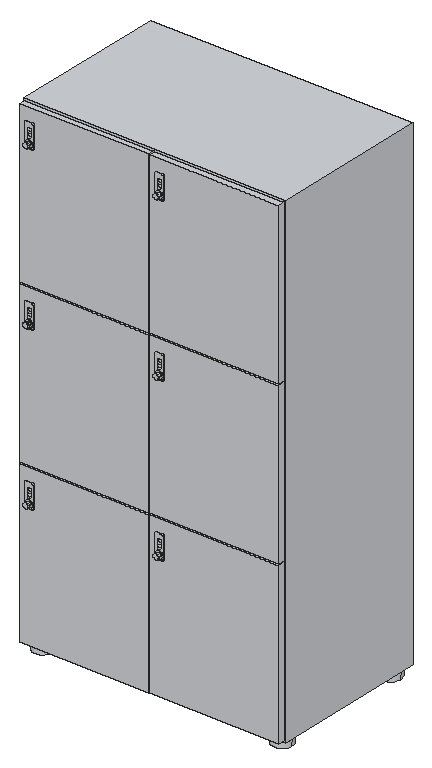
Revit family "Stash 6-Door Locker", category Furniture, Revit 2015
Parameters (values of type "31.5" x 20" x 59.25"")
  Width = 20"
  URL = "http://www.poppin.com"
  Manufacturer = "Poppin, Inc."
  Length = 31 1/2"
  Height = 59 1/4"
  Lock Material = none
  Feet Material = none
  Description = "Stash 6-Door Locker"
  Copyright = "Copyright © Poppin, Inc."
  Cabinet Material = none
Reference planes (in)
  plane 1 "Center (Front/Back)": y = 0
  plane 2: z = 0
  plane 3 "Center (Left/Right)": x = 0
Forms (in)
  Extrusion 1, solid, material <- "Cabinet Material"
    sketch origin (0, 0, 0) x (1, 0, 0) y (0, 0, 1)
      loop
        line (-15.79155, 59.31102) -> (-15.79155, 0.94488) -> (15.70452, 0.94488) -> (15.70452, 59.31102) -> (-15.79155, 59.31102)
    from -10.1752 to 8.93504
  Extrusion 2, solid, material <- "Lock Material", not visible
    sketch origin (0, 0, 0) x (1, 0, 0) y (0, 0, 1)
      loop
        arc (-14.75145, 38.21321) -> (-14.89273, 38.15469) -> (-14.95125, 38.01341) r 0.1998
        arc (-14.95125, 38.01341) -> (-14.97746, 36.78506) -> (-14.95125, 35.55671) r 28.79631
        arc (-14.95125, 35.55671) -> (-14.87803, 35.37993) -> (-14.70125, 35.30671) r 0.25
        line (-14.70125, 35.30671) -> (-14.14462, 35.30671)
        arc (-14.14462, 35.30671) -> (-13.96784, 35.37993) -> (-13.89462, 35.55671) r 0.25
        arc (-13.89462, 35.55671) -> (-13.86841, 36.78506) -> (-13.89462, 38.01341) r 28.79631
        arc (-13.89462, 38.01341) -> (-13.95314, 38.15469) -> (-14.09442, 38.21321) r 0.1998
        line (-14.09442, 38.21321) -> (-14.75145, 38.21321)
    from 9.68307 to 9.7815
  Extrusion 3, solid, material <- "Lock Material", not visible
    sketch origin (-14.94161, 0, 38.21321) x (1, 0, 0) y (0, 1, 0)
      loop
        arc (0.31237, -9.7815) -> (0.52801, -9.86058) -> (0.74365, -9.7815) r 0.33352
        line (0.74365, -9.7815) -> (0.31237, -9.7815)
    from -1.63841 to -1.44156
  Extrusion 4, solid, material <- "Lock Material", not visible
    sketch origin (-14.94161, 0, 38.4888) x (1, 0, 0) y (0, 1, 0)
      loop
        arc (0.31237, -9.7815) -> (0.52801, -9.86058) -> (0.74365, -9.7815) r 0.33352
        line (0.74365, -9.7815) -> (0.31237, -9.7815)
    from -1.63841 to -1.44156
  Extrusion 5, solid, material <- "Lock Material", not visible
    sketch origin (-14.94161, 0, 38.76439) x (1, 0, 0) y (0, 1, 0)
      loop
        arc (0.31237, -9.7815) -> (0.52801, -9.86058) -> (0.74365, -9.7815) r 0.33352
        line (0.74365, -9.7815) -> (0.31237, -9.7815)
    from -1.63841 to -1.44156
  Extrusion 6, solid, material <- "Lock Material", not visible
    sketch origin (-14.94161, 0, 39.03998) x (1, 0, 0) y (0, 1, 0)
      loop
        arc (0.31237, -9.7815) -> (0.52801, -9.86058) -> (0.74365, -9.7815) r 0.33352
        line (0.74365, -9.7815) -> (0.31237, -9.7815)
    from -1.63841 to -1.44156
  Extrusion 7, solid, material <- "Lock Material", not visible
    sketch origin (0, 0, 0) x (1, 0, 0) y (0, 0, 1)
      loop
        circle (-14.40927, 35.86361) r 0.42969
    from 9.68307 to 9.82087
  Extrusion 8, solid, material <- "Lock Material", not visible
    sketch origin (0, 0, 0) x (1, 0, 0) y (0, 0, 1)
      loop
        arc (-14.16303, 35.98425) -> (-14.41709, 36.14486) -> (-14.67115, 35.98425) r 0.28125
        line (-14.67115, 35.98425) -> (-14.81673, 35.98425)
        arc (-14.81673, 35.98425) -> (-14.83411, 35.86614) -> (-14.81673, 35.74803) r 0.41008
        line (-14.81673, 35.74803) -> (-14.67349, 35.74803)
        arc (-14.67349, 35.74803) -> (-14.41709, 35.58236) -> (-14.16068, 35.74803) r 0.28125
        line (-14.16068, 35.74803) -> (-14.01744, 35.74803)
        arc (-14.01744, 35.74803) -> (-14.00006, 35.86614) -> (-14.01744, 35.98425) r 0.41008
        line (-14.01744, 35.98425) -> (-14.16303, 35.98425)
    from 9.82087 to 10.21457
  Extrusion 9, solid, material <- "Feet Material"
    sketch origin (0, -3.25656, 24.25197) x (0, 1, 0) y (-1, 0, 0)
      loop
        circle (11.90383, 14.42182) r 1.1875
      loop
        circle (11.90383, -14.32818) r 1.1875
      loop
        circle (-4.44639, -14.32818) r 1.1875
      loop
        circle (-4.44639, 14.42182) r 1.1875
    from -24.25197 to -23.58268
  Extrusion 10, solid, material <- "Feet Material"
    sketch origin (0, -3.25656, 24.25197) x (0, 1, 0) y (-1, 0, 0)
      loop
        line (12.0677, 14.138) -> (12.23156, 14.42182) -> (12.0677, 14.70565) -> (11.73997, 14.70565) -> (11.5761, 14.42182) -> (11.73997, 14.138) -> (12.0677, 14.138)
      loop
        line (12.0677, -14.612) -> (12.23156, -14.32818) -> (12.0677, -14.04435) -> (11.73997, -14.04435) -> (11.5761, -14.32818) -> (11.73997, -14.612) -> (12.0677, -14.612)
      loop
        line (-4.28253, -14.612) -> (-4.11866, -14.32818) -> (-4.28253, -14.04435) -> (-4.61026, -14.04435) -> (-4.77412, -14.32818) -> (-4.61026, -14.612) -> (-4.28253, -14.612)
      loop
        line (-4.28253, 14.138) -> (-4.11866, 14.42182) -> (-4.28253, 14.70565) -> (-4.61026, 14.70565) -> (-4.77412, 14.42182) -> (-4.61026, 14.138) -> (-4.28253, 14.138)
    from -23.77971 to -23.26772
  Extrusion 11, solid, material <- "Cabinet Material"
    sketch origin (0, -0.03937, 0) x (1, 0, 0) y (0, 0, 1)
      loop
        line (-15.5947, 39.72441) -> (-15.5947, 20.5315) -> (-0.14194, 20.5315) -> (-0.14194, 39.72441) -> (-15.5947, 39.72441)
      loop
        line (0.05491, 20.5315) -> (15.50767, 20.5315) -> (15.50767, 39.72441) -> (0.05491, 39.72441) -> (0.05491, 20.5315)
      loop
        line (-15.5947, 20.33465) -> (-15.5947, 1.14173) -> (-0.14194, 1.14173) -> (-0.14194, 20.33465) -> (-15.5947, 20.33465)
      loop
        line (0.05491, 1.14173) -> (15.50767, 1.14173) -> (15.50767, 20.33465) -> (0.05491, 20.33465) -> (0.05491, 1.14173)
      loop
        line (-15.5939, 59.11417) -> (-15.5939, 39.92126) -> (-0.14115, 39.92126) -> (-0.14115, 59.11417) -> (-15.5939, 59.11417)
      loop
        line (0.0557, 39.92126) -> (15.50846, 39.92126) -> (15.50846, 59.11417) -> (0.0557, 59.11417) -> (0.0557, 39.92126)
    from 8.89567 to 9.68307
  Extrusion 12, solid, material <- "Lock Material"
    sketch origin (0, -0.03937, 0) x (1, 0, 0) y (0, 0, 1)
      loop
        arc (-14.75145, 38.21321) -> (-14.89273, 38.15469) -> (-14.95125, 38.01341) r 0.1998
        arc (-14.95125, 38.01341) -> (-14.97746, 36.78506) -> (-14.95125, 35.55671) r 28.79631
        arc (-14.95125, 35.55671) -> (-14.87803, 35.37993) -> (-14.70125, 35.30671) r 0.25
        line (-14.70125, 35.30671) -> (-14.14462, 35.30671)
        arc (-14.14462, 35.30671) -> (-13.96784, 35.37993) -> (-13.89462, 35.55671) r 0.25
        arc (-13.89462, 35.55671) -> (-13.86841, 36.78506) -> (-13.89462, 38.01341) r 28.79631
        arc (-13.89462, 38.01341) -> (-13.95314, 38.15469) -> (-14.09442, 38.21321) r 0.1998
        line (-14.09442, 38.21321) -> (-14.75145, 38.21321)
    from 9.68307 to 9.7815
  Extrusion 13, solid, material <- "Lock Material"
    sketch origin (-14.94161, -0.03937, 38.21321) x (1, 0, 0) y (0, 1, 0)
      loop
        arc (0.31237, -9.7815) -> (0.52801, -9.86058) -> (0.74365, -9.7815) r 0.33352
        line (0.74365, -9.7815) -> (0.31237, -9.7815)
    from -1.63841 to -1.44156
  Extrusion 14, solid, material <- "Lock Material"
    sketch origin (-14.94161, -0.03937, 38.4888) x (1, 0, 0) y (0, 1, 0)
      loop
        arc (0.31237, -9.7815) -> (0.52801, -9.86058) -> (0.74365, -9.7815) r 0.33352
        line (0.74365, -9.7815) -> (0.31237, -9.7815)
    from -1.63841 to -1.44156
  Extrusion 15, solid, material <- "Lock Material"
    sketch origin (-14.94161, -0.03937, 38.76439) x (1, 0, 0) y (0, 1, 0)
      loop
        arc (0.31237, -9.7815) -> (0.52801, -9.86058) -> (0.74365, -9.7815) r 0.33352
        line (0.74365, -9.7815) -> (0.31237, -9.7815)
    from -1.63841 to -1.44156
  Extrusion 16, solid, material <- "Lock Material"
    sketch origin (-14.94161, -0.03937, 39.03998) x (1, 0, 0) y (0, 1, 0)
      loop
        arc (0.31237, -9.7815) -> (0.52801, -9.86058) -> (0.74365, -9.7815) r 0.33352
        line (0.74365, -9.7815) -> (0.31237, -9.7815)
    from -1.63841 to -1.44156
  Extrusion 17, solid, material <- "Lock Material"
    sketch origin (0, -0.03937, 0) x (1, 0, 0) y (0, 0, 1)
      loop
        circle (-14.40927, 35.86361) r 0.42969
    from 9.68307 to 9.82087
  Extrusion 18, solid, material <- "Lock Material"
    sketch origin (0, -0.03937, 0) x (1, 0, 0) y (0, 0, 1)
      loop
        arc (-14.16303, 35.98425) -> (-14.41709, 36.14486) -> (-14.67115, 35.98425) r 0.28125
        line (-14.67115, 35.98425) -> (-14.81673, 35.98425)
        arc (-14.81673, 35.98425) -> (-14.83411, 35.86614) -> (-14.81673, 35.74803) r 0.41008
        line (-14.81673, 35.74803) -> (-14.67349, 35.74803)
        arc (-14.67349, 35.74803) -> (-14.41709, 35.58236) -> (-14.16068, 35.74803) r 0.28125
        line (-14.16068, 35.74803) -> (-14.01744, 35.74803)
        arc (-14.01744, 35.74803) -> (-14.00006, 35.86614) -> (-14.01744, 35.98425) r 0.41008
        line (-14.01744, 35.98425) -> (-14.16303, 35.98425)
    from 9.82087 to 10.21457
  Extrusion 19, solid, material <- "Lock Material"
    sketch origin (15.6531, -0.03937, 0) x (1, 0, 0) y (0, 0, 1)
      loop
        arc (-14.75145, 38.21321) -> (-14.89273, 38.15469) -> (-14.95125, 38.01341) r 0.1998
        arc (-14.95125, 38.01341) -> (-14.97746, 36.78506) -> (-14.95125, 35.55671) r 28.79631
        arc (-14.95125, 35.55671) -> (-14.87803, 35.37993) -> (-14.70125, 35.30671) r 0.25
        line (-14.70125, 35.30671) -> (-14.14462, 35.30671)
        arc (-14.14462, 35.30671) -> (-13.96784, 35.37993) -> (-13.89462, 35.55671) r 0.25
        arc (-13.89462, 35.55671) -> (-13.86841, 36.78506) -> (-13.89462, 38.01341) r 28.79631
        arc (-13.89462, 38.01341) -> (-13.95314, 38.15469) -> (-14.09442, 38.21321) r 0.1998
        line (-14.09442, 38.21321) -> (-14.75145, 38.21321)
    from 9.68307 to 9.7815
  Extrusion 20, solid, material <- "Lock Material"
    sketch origin (0.71149, -0.03937, 38.21321) x (1, 0, 0) y (0, 1, 0)
      loop
        arc (0.31237, -9.7815) -> (0.52801, -9.86058) -> (0.74365, -9.7815) r 0.33352
        line (0.74365, -9.7815) -> (0.31237, -9.7815)
    from -1.63841 to -1.44156
  Extrusion 21, solid, material <- "Lock Material"
    sketch origin (0.71149, -0.03937, 38.4888) x (1, 0, 0) y (0, 1, 0)
      loop
        arc (0.31237, -9.7815) -> (0.52801, -9.86058) -> (0.74365, -9.7815) r 0.33352
        line (0.74365, -9.7815) -> (0.31237, -9.7815)
    from -1.63841 to -1.44156
  Extrusion 22, solid, material <- "Lock Material"
    sketch origin (0.71149, -0.03937, 38.76439) x (1, 0, 0) y (0, 1, 0)
      loop
        arc (0.31237, -9.7815) -> (0.52801, -9.86058) -> (0.74365, -9.7815) r 0.33352
        line (0.74365, -9.7815) -> (0.31237, -9.7815)
    from -1.63841 to -1.44156
  Extrusion 23, solid, material <- "Lock Material"
    sketch origin (0.71149, -0.03937, 39.03998) x (1, 0, 0) y (0, 1, 0)
      loop
        arc (0.31237, -9.7815) -> (0.52801, -9.86058) -> (0.74365, -9.7815) r 0.33352
        line (0.74365, -9.7815) -> (0.31237, -9.7815)
    from -1.63841 to -1.44156
  Extrusion 24, solid, material <- "Lock Material"
    sketch origin (15.6531, -0.03937, 0) x (1, 0, 0) y (0, 0, 1)
      loop
        circle (-14.40927, 35.86361) r 0.42969
    from 9.68307 to 9.82087
  Extrusion 25, solid, material <- "Lock Material"
    sketch origin (15.6531, -0.03937, 0) x (1, 0, 0) y (0, 0, 1)
      loop
        arc (-14.16303, 35.98425) -> (-14.41709, 36.14486) -> (-14.67115, 35.98425) r 0.28125
        line (-14.67115, 35.98425) -> (-14.81673, 35.98425)
        arc (-14.81673, 35.98425) -> (-14.83411, 35.86614) -> (-14.81673, 35.74803) r 0.41008
        line (-14.81673, 35.74803) -> (-14.67349, 35.74803)
        arc (-14.67349, 35.74803) -> (-14.41709, 35.58236) -> (-14.16068, 35.74803) r 0.28125
        line (-14.16068, 35.74803) -> (-14.01744, 35.74803)
        arc (-14.01744, 35.74803) -> (-14.00006, 35.86614) -> (-14.01744, 35.98425) r 0.41008
        line (-14.01744, 35.98425) -> (-14.16303, 35.98425)
    from 9.82087 to 10.21457
  Extrusion 26, solid, material <- "Lock Material"
    sketch origin (0, -0.03937, -19.38976) x (1, 0, 0) y (0, 0, 1)
      loop
        arc (-14.75145, 38.21321) -> (-14.89273, 38.15469) -> (-14.95125, 38.01341) r 0.1998
        arc (-14.95125, 38.01341) -> (-14.97746, 36.78506) -> (-14.95125, 35.55671) r 28.79631
        arc (-14.95125, 35.55671) -> (-14.87803, 35.37993) -> (-14.70125, 35.30671) r 0.25
        line (-14.70125, 35.30671) -> (-14.14462, 35.30671)
        arc (-14.14462, 35.30671) -> (-13.96784, 35.37993) -> (-13.89462, 35.55671) r 0.25
        arc (-13.89462, 35.55671) -> (-13.86841, 36.78506) -> (-13.89462, 38.01341) r 28.79631
        arc (-13.89462, 38.01341) -> (-13.95314, 38.15469) -> (-14.09442, 38.21321) r 0.1998
        line (-14.09442, 38.21321) -> (-14.75145, 38.21321)
    from 9.68307 to 9.7815
  Extrusion 27, solid, material <- "Lock Material"
    sketch origin (-14.94161, -0.03937, 18.82345) x (1, 0, 0) y (0, 1, 0)
      loop
        arc (0.31237, -9.7815) -> (0.52801, -9.86058) -> (0.74365, -9.7815) r 0.33352
        line (0.74365, -9.7815) -> (0.31237, -9.7815)
    from -1.63841 to -1.44156
  Extrusion 28, solid, material <- "Lock Material"
    sketch origin (-14.94161, -0.03937, 19.09904) x (1, 0, 0) y (0, 1, 0)
      loop
        arc (0.31237, -9.7815) -> (0.52801, -9.86058) -> (0.74365, -9.7815) r 0.33352
        line (0.74365, -9.7815) -> (0.31237, -9.7815)
    from -1.63841 to -1.44156
  Extrusion 29, solid, material <- "Lock Material"
    sketch origin (-14.94161, -0.03937, 19.37463) x (1, 0, 0) y (0, 1, 0)
      loop
        arc (0.31237, -9.7815) -> (0.52801, -9.86058) -> (0.74365, -9.7815) r 0.33352
        line (0.74365, -9.7815) -> (0.31237, -9.7815)
    from -1.63841 to -1.44156
  Extrusion 30, solid, material <- "Lock Material"
    sketch origin (-14.94161, -0.03937, 19.65022) x (1, 0, 0) y (0, 1, 0)
      loop
        arc (0.31237, -9.7815) -> (0.52801, -9.86058) -> (0.74365, -9.7815) r 0.33352
        line (0.74365, -9.7815) -> (0.31237, -9.7815)
    from -1.63841 to -1.44156
  Extrusion 31, solid, material <- "Lock Material"
    sketch origin (0, -0.03937, -19.38976) x (1, 0, 0) y (0, 0, 1)
      loop
        circle (-14.40927, 35.86361) r 0.42969
    from 9.68307 to 9.82087
  Extrusion 32, solid, material <- "Lock Material"
    sketch origin (0, -0.03937, -19.38976) x (1, 0, 0) y (0, 0, 1)
      loop
        arc (-14.16303, 35.98425) -> (-14.41709, 36.14486) -> (-14.67115, 35.98425) r 0.28125
        line (-14.67115, 35.98425) -> (-14.81673, 35.98425)
        arc (-14.81673, 35.98425) -> (-14.83411, 35.86614) -> (-14.81673, 35.74803) r 0.41008
        line (-14.81673, 35.74803) -> (-14.67349, 35.74803)
        arc (-14.67349, 35.74803) -> (-14.41709, 35.58236) -> (-14.16068, 35.74803) r 0.28125
        line (-14.16068, 35.74803) -> (-14.01744, 35.74803)
        arc (-14.01744, 35.74803) -> (-14.00006, 35.86614) -> (-14.01744, 35.98425) r 0.41008
        line (-14.01744, 35.98425) -> (-14.16303, 35.98425)
    from 9.82087 to 10.21457
  Extrusion 33, solid, material <- "Lock Material"
    sketch origin (15.6531, -0.03937, -19.38976) x (1, 0, 0) y (0, 0, 1)
      loop
        arc (-14.75145, 38.21321) -> (-14.89273, 38.15469) -> (-14.95125, 38.01341) r 0.1998
        arc (-14.95125, 38.01341) -> (-14.97746, 36.78506) -> (-14.95125, 35.55671) r 28.79631
        arc (-14.95125, 35.55671) -> (-14.87803, 35.37993) -> (-14.70125, 35.30671) r 0.25
        line (-14.70125, 35.30671) -> (-14.14462, 35.30671)
        arc (-14.14462, 35.30671) -> (-13.96784, 35.37993) -> (-13.89462, 35.55671) r 0.25
        arc (-13.89462, 35.55671) -> (-13.86841, 36.78506) -> (-13.89462, 38.01341) r 28.79631
        arc (-13.89462, 38.01341) -> (-13.95314, 38.15469) -> (-14.09442, 38.21321) r 0.1998
        line (-14.09442, 38.21321) -> (-14.75145, 38.21321)
    from 9.68307 to 9.7815
  Extrusion 34, solid, material <- "Lock Material"
    sketch origin (0.71149, -0.03937, 18.82345) x (1, 0, 0) y (0, 1, 0)
      loop
        arc (0.31237, -9.7815) -> (0.52801, -9.86058) -> (0.74365, -9.7815) r 0.33352
        line (0.74365, -9.7815) -> (0.31237, -9.7815)
    from -1.63841 to -1.44156
  Extrusion 35, solid, material <- "Lock Material"
    sketch origin (0.71149, -0.03937, 19.09904) x (1, 0, 0) y (0, 1, 0)
      loop
        arc (0.31237, -9.7815) -> (0.52801, -9.86058) -> (0.74365, -9.7815) r 0.33352
        line (0.74365, -9.7815) -> (0.31237, -9.7815)
    from -1.63841 to -1.44156
  Extrusion 36, solid, material <- "Lock Material"
    sketch origin (0.71149, -0.03937, 19.37463) x (1, 0, 0) y (0, 1, 0)
      loop
        arc (0.31237, -9.7815) -> (0.52801, -9.86058) -> (0.74365, -9.7815) r 0.33352
        line (0.74365, -9.7815) -> (0.31237, -9.7815)
    from -1.63841 to -1.44156
  Extrusion 37, solid, material <- "Lock Material"
    sketch origin (0.71149, -0.03937, 19.65022) x (1, 0, 0) y (0, 1, 0)
      loop
        arc (0.31237, -9.7815) -> (0.52801, -9.86058) -> (0.74365, -9.7815) r 0.33352
        line (0.74365, -9.7815) -> (0.31237, -9.7815)
    from -1.63841 to -1.44156
  Extrusion 38, solid, material <- "Lock Material"
    sketch origin (15.6531, -0.03937, -19.38976) x (1, 0, 0) y (0, 0, 1)
      loop
        circle (-14.40927, 35.86361) r 0.42969
    from 9.68307 to 9.82087
  Extrusion 39, solid, material <- "Lock Material"
    sketch origin (15.6531, -0.03937, -19.38976) x (1, 0, 0) y (0, 0, 1)
      loop
        arc (-14.16303, 35.98425) -> (-14.41709, 36.14486) -> (-14.67115, 35.98425) r 0.28125
        line (-14.67115, 35.98425) -> (-14.81673, 35.98425)
        arc (-14.81673, 35.98425) -> (-14.83411, 35.86614) -> (-14.81673, 35.74803) r 0.41008
        line (-14.81673, 35.74803) -> (-14.67349, 35.74803)
        arc (-14.67349, 35.74803) -> (-14.41709, 35.58236) -> (-14.16068, 35.74803) r 0.28125
        line (-14.16068, 35.74803) -> (-14.01744, 35.74803)
        arc (-14.01744, 35.74803) -> (-14.00006, 35.86614) -> (-14.01744, 35.98425) r 0.41008
        line (-14.01744, 35.98425) -> (-14.16303, 35.98425)
    from 9.82087 to 10.21457
  Extrusion 40, solid, material <- "Lock Material"
    sketch origin (0, -0.03902, 19.38976) x (1, 0, 0) y (0, 0, 1)
      loop
        arc (-14.75145, 38.21321) -> (-14.89273, 38.15469) -> (-14.95125, 38.01341) r 0.1998
        arc (-14.95125, 38.01341) -> (-14.97746, 36.78506) -> (-14.95125, 35.55671) r 28.79631
        arc (-14.95125, 35.55671) -> (-14.87803, 35.37993) -> (-14.70125, 35.30671) r 0.25
        line (-14.70125, 35.30671) -> (-14.14462, 35.30671)
        arc (-14.14462, 35.30671) -> (-13.96784, 35.37993) -> (-13.89462, 35.55671) r 0.25
        arc (-13.89462, 35.55671) -> (-13.86841, 36.78506) -> (-13.89462, 38.01341) r 28.79631
        arc (-13.89462, 38.01341) -> (-13.95314, 38.15469) -> (-14.09442, 38.21321) r 0.1998
        line (-14.09442, 38.21321) -> (-14.75145, 38.21321)
    from 9.68307 to 9.7815
  Extrusion 41, solid, material <- "Lock Material"
    sketch origin (-14.94161, -0.03902, 57.60298) x (1, 0, 0) y (0, 1, 0)
      loop
        arc (0.31237, -9.7815) -> (0.52801, -9.86058) -> (0.74365, -9.7815) r 0.33352
        line (0.74365, -9.7815) -> (0.31237, -9.7815)
    from -1.63841 to -1.44156
  Extrusion 42, solid, material <- "Lock Material"
    sketch origin (-14.94161, -0.03902, 57.87857) x (1, 0, 0) y (0, 1, 0)
      loop
        arc (0.31237, -9.7815) -> (0.52801, -9.86058) -> (0.74365, -9.7815) r 0.33352
        line (0.74365, -9.7815) -> (0.31237, -9.7815)
    from -1.63841 to -1.44156
  Extrusion 43, solid, material <- "Lock Material"
    sketch origin (-14.94161, -0.03902, 58.15416) x (1, 0, 0) y (0, 1, 0)
      loop
        arc (0.31237, -9.7815) -> (0.52801, -9.86058) -> (0.74365, -9.7815) r 0.33352
        line (0.74365, -9.7815) -> (0.31237, -9.7815)
    from -1.63841 to -1.44156
  Extrusion 44, solid, material <- "Lock Material"
    sketch origin (-14.94161, -0.03902, 58.42975) x (1, 0, 0) y (0, 1, 0)
      loop
        arc (0.31237, -9.7815) -> (0.52801, -9.86058) -> (0.74365, -9.7815) r 0.33352
        line (0.74365, -9.7815) -> (0.31237, -9.7815)
    from -1.63841 to -1.44156
  Extrusion 45, solid, material <- "Lock Material"
    sketch origin (0, -0.03902, 19.38976) x (1, 0, 0) y (0, 0, 1)
      loop
        circle (-14.40927, 35.86361) r 0.42969
    from 9.68307 to 9.82087
  Extrusion 46, solid, material <- "Lock Material"
    sketch origin (0, -0.03902, 19.38976) x (1, 0, 0) y (0, 0, 1)
      loop
        arc (-14.16303, 35.98425) -> (-14.41709, 36.14486) -> (-14.67115, 35.98425) r 0.28125
        line (-14.67115, 35.98425) -> (-14.81673, 35.98425)
        arc (-14.81673, 35.98425) -> (-14.83411, 35.86614) -> (-14.81673, 35.74803) r 0.41008
        line (-14.81673, 35.74803) -> (-14.67349, 35.74803)
        arc (-14.67349, 35.74803) -> (-14.41709, 35.58236) -> (-14.16068, 35.74803) r 0.28125
        line (-14.16068, 35.74803) -> (-14.01744, 35.74803)
        arc (-14.01744, 35.74803) -> (-14.00006, 35.86614) -> (-14.01744, 35.98425) r 0.41008
        line (-14.01744, 35.98425) -> (-14.16303, 35.98425)
    from 9.82087 to 10.21457
  Extrusion 47, solid, material <- "Lock Material"
    sketch origin (15.6531, -0.03902, 19.38976) x (1, 0, 0) y (0, 0, 1)
      loop
        arc (-14.75145, 38.21321) -> (-14.89273, 38.15469) -> (-14.95125, 38.01341) r 0.1998
        arc (-14.95125, 38.01341) -> (-14.97746, 36.78506) -> (-14.95125, 35.55671) r 28.79631
        arc (-14.95125, 35.55671) -> (-14.87803, 35.37993) -> (-14.70125, 35.30671) r 0.25
        line (-14.70125, 35.30671) -> (-14.14462, 35.30671)
        arc (-14.14462, 35.30671) -> (-13.96784, 35.37993) -> (-13.89462, 35.55671) r 0.25
        arc (-13.89462, 35.55671) -> (-13.86841, 36.78506) -> (-13.89462, 38.01341) r 28.79631
        arc (-13.89462, 38.01341) -> (-13.95314, 38.15469) -> (-14.09442, 38.21321) r 0.1998
        line (-14.09442, 38.21321) -> (-14.75145, 38.21321)
    from 9.68307 to 9.7815
  Extrusion 48, solid, material <- "Lock Material"
    sketch origin (0.71149, -0.03902, 57.60298) x (1, 0, 0) y (0, 1, 0)
      loop
        arc (0.31237, -9.7815) -> (0.52801, -9.86058) -> (0.74365, -9.7815) r 0.33352
        line (0.74365, -9.7815) -> (0.31237, -9.7815)
    from -1.63841 to -1.44156
  Extrusion 49, solid, material <- "Lock Material"
    sketch origin (0.71149, -0.03902, 57.87857) x (1, 0, 0) y (0, 1, 0)
      loop
        arc (0.31237, -9.7815) -> (0.52801, -9.86058) -> (0.74365, -9.7815) r 0.33352
        line (0.74365, -9.7815) -> (0.31237, -9.7815)
    from -1.63841 to -1.44156
  Extrusion 50, solid, material <- "Lock Material"
    sketch origin (0.71149, -0.03902, 58.15416) x (1, 0, 0) y (0, 1, 0)
      loop
        arc (0.31237, -9.7815) -> (0.52801, -9.86058) -> (0.74365, -9.7815) r 0.33352
        line (0.74365, -9.7815) -> (0.31237, -9.7815)
    from -1.63841 to -1.44156
  Extrusion 51, solid, material <- "Lock Material"
    sketch origin (0.71149, -0.03902, 58.42975) x (1, 0, 0) y (0, 1, 0)
      loop
        arc (0.31237, -9.7815) -> (0.52801, -9.86058) -> (0.74365, -9.7815) r 0.33352
        line (0.74365, -9.7815) -> (0.31237, -9.7815)
    from -1.63841 to -1.44156
  Extrusion 52, solid, material <- "Lock Material"
    sketch origin (15.6531, -0.03902, 19.38976) x (1, 0, 0) y (0, 0, 1)
      loop
        circle (-14.40927, 35.86361) r 0.42969
    from 9.68307 to 9.82087
  Extrusion 53, solid, material <- "Lock Material"
    sketch origin (15.6531, -0.03902, 19.38976) x (1, 0, 0) y (0, 0, 1)
      loop
        arc (-14.16303, 35.98425) -> (-14.41709, 36.14486) -> (-14.67115, 35.98425) r 0.28125
        line (-14.67115, 35.98425) -> (-14.81673, 35.98425)
        arc (-14.81673, 35.98425) -> (-14.83411, 35.86614) -> (-14.81673, 35.74803) r 0.41008
        line (-14.81673, 35.74803) -> (-14.67349, 35.74803)
        arc (-14.67349, 35.74803) -> (-14.41709, 35.58236) -> (-14.16068, 35.74803) r 0.28125
        line (-14.16068, 35.74803) -> (-14.01744, 35.74803)
        arc (-14.01744, 35.74803) -> (-14.00006, 35.86614) -> (-14.01744, 35.98425) r 0.41008
        line (-14.01744, 35.98425) -> (-14.16303, 35.98425)
    from 9.82087 to 10.21457
Dimensions and locks (in)
  aligned and locked: level to plane 2
